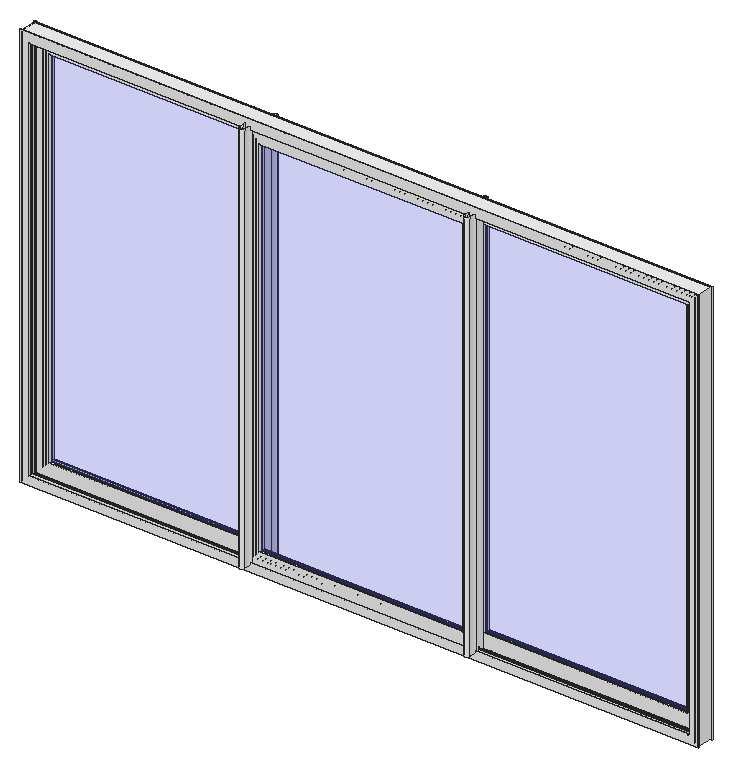
Revit family "1000_Sliding_Window_XOX_Standard", category Windows, host Wall, Revit 2014
Parameters (values of type "1000SW-3018XOX-2000Pa")
  Windload Design = if(Custom Windload < 1001 mm, 1000 mm, if(Custom Windload < 1501 mm, 1500 mm, 2000 mm))  # 2000 mm
  Width Sash Middle [instance] = 1016.633 mm
  Width Sash Side [instance] = 1016.683 mm
  Width = if(Custom Window Width < Limit Window Width Min, Limit Window Width Min, if(Custom Window Width > Limit Window Width Max, Limit Window Width Max, Custom Window Width))  # 2990 mm
  Wall Thickness [instance] = 200 mm
  URL = "http://www.crealco.co.za/crealco-products.php"
  Thermal Resistance (R) [instance] = if(IGDB or SAGDB Number = 1000015, 1.0000 (m²·K)/W / Clearvue U Value, if(IGDB or SAGDB Number = 9922, 1.0000 (m²·K)/W / Energy Advantage U Value, if(IGDB or SAGDB Number = 100100, 1.0000 (m²·K)/W / Intruderprufe U Value, if(IGDB or SAGDB Number = 103200, 1.0000 (m²·K)/W / Intruderprufe LowE U Value, 1.0000 (m²·K)/W / 7.9)))) * 1  # 0.126582 (m²·K)/W
  Standard Interlocker = not(Heavy Duty Interlocker)  # no
  Solar Heat Gain Coefficient [instance] = if(IGDB or SAGDB Number = 1000015, Clearvue SHGC Value, if(IGDB or SAGDB Number = 9922, Energy Advantage SHGC Value, if(IGDB or SAGDB Number = 100100, Intruderprufe SHGC Value, if(IGDB or SAGDB Number = 103200, Intruderprufe LowE SHGC Value, 0))))  # 0
  Sash Width Middle = if(Equal Sash Width, (Width - (2 mm * 28.7)) / 3 + 39.1 mm, if(Custom Sash Width Middle < Limit Sash Width Middle Min, Limit Sash Width Middle Min, if(Custom Sash Width Middle > Limit Sash Width Middle Max, Limit Sash Width Middle Max, Custom Sash Width Middle)))  # 1016.633 mm
  Sash Width Sides = (Width - (28.7 mm * 2) - Sash Width Middle) / 2 + 58.7 mm  # 1016.683 mm
  Sash Height = Height - (2 mm * 28.7)  # 1732.6 mm
  Sash Frame Seal = 2 mm  # constant formula
  Overall Width [instance] = 2990 mm
  Overall Height [instance] = 1790 mm
  Model = "1000"  # constant formula
  Max Pane Area = if(Area Middle Sash Glazing > Area Side Sash Glazing, Area Middle Sash Glazing, Area Side Sash Glazing)  # 1.49505 m²
  Manufacturer = "Crealco"  # constant formula
  Limit Window Width Min = (3 * Limit Sash Width Min) + (2 mm * 28.7) - (2 * 58.8 mm)  # 839.8 mm
  Limit Window Width Max = (3 * Limit Sash Width Max) + (2 mm * 28.7) - (2 * 58.8 mm)  # 4439.8 mm
  Limit Window Height Min = Limit Sash Height Min + (2 mm * 28.7)  # 357.4 mm
  Limit Window Height Max = Limit Sash Height Max + (2 mm * 28.7)  # 1857.4 mm
  Limit Sash Width Min = 300 mm  # constant formula
  Limit Sash Width Max = 1500 mm  # constant formula
  Limit Sash Width Middle Min = if(Width - (2 mm * 28.7) - (2 * Limit Sash Width Max) + (2 * 58.8 mm) < Limit Sash Width Min, Limit Sash Width Min, Width - (2 mm * 28.7) - (2 * Limit Sash Width Max) + (2 * 58.8 mm))  # 300 mm
  Limit Sash Width Middle Max = if(Width - (2 mm * 28.7) - (2 * Limit Sash Width Min) + (2 * 58.8 mm) > Limit Sash Width Max, Limit Sash Width Max, Width - (2 mm * 28.7) - (2 * Limit Sash Width Min) + (2 * 58.8 mm))  # 1500 mm
  Limit Sash Height Min = 300 mm  # constant formula
  Limit Sash Height Max = 1800 mm  # constant formula
  Is Heavy Duty Mullion = if(Windload Design = 1000 mm, if(and(Width > 1490 mm, Height > 1490 mm), 1 mm, 0 mm), if(Windload Design = 1500 mm, if(or(and(Width > 1790 mm, Height > 1190 mm), and(Width > 890 mm, Height > 1490 mm)), 1 mm, 0 mm), if(or(and(Width > 1190 mm, Height > 1190 mm), Height > 1490 mm), 1 mm, 0 mm)))  # 1 mm
  Intruderprufe U Value = 5.86
  Intruderprufe SHGC Value = 0.704
  Intruderprufe LowE U Value = 4.2
  Intruderprufe LowE SHGC Value = 0.616
  IGDB or SAGDB Number [instance] = 0
  Height Sash [instance] = 1732.6 mm
  Height = if(Custom Window Height < Limit Window Height Min, Limit Window Height Min, if(Custom Window Height > Limit Window Height Max, Limit Window Height Max, Custom Window Height))  # 1790 mm
  Heavy Duty Interlocker = if(Is Heavy Duty Mullion = 1 mm, 1 = 1, 1 = 0)  # yes
  Heat Transfer Coefficient (U) [instance] = if(IGDB or SAGDB Number = 1000015, Clearvue U Value, if(IGDB or SAGDB Number = 9922, Energy Advantage U Value, if(IGDB or SAGDB Number = 100100, Intruderprufe U Value, if(IGDB or SAGDB Number = 103200, Intruderprufe LowE U Value, 7.9)))) * 1.0000 W/(m²·K)  # 7.9000 W/(m²·K)
  Glazing Thickness [instance] = if(IGDB or SAGDB Number = 1000015, 4 mm, if(IGDB or SAGDB Number = 9922, 4 mm, if(IGDB or SAGDB Number = 100100, 6 mm, if(IGDB or SAGDB Number = 103200, 7 mm, if(not(Max Pane Area > 0.75 m²), 4 mm, if(not(Max Pane Area > 1.50 m²), 4 mm, if(not(Max Pane Area > 2.10 m²), 5 mm, if(not(Max Pane Area > 2.90 m²), 6.4 mm, if(not(Max Pane Area > 4.30 m²), 8 mm, 10 mm)))))))))  # 4 mm
  Glazing Material [instance] = if(IGDB or SAGDB Number = 1000015, "PFG CLEARVUE 4mm", if(IGDB or SAGDB Number = 9922, "PFG ENERGY ADVANTAGE 4mm LOW-E", if(IGDB or SAGDB Number = 100100, "PFG INTRUDERPRUFE 6.38mm", if(IGDB or SAGDB Number = 103200, "PFG INTRUDERPRUFE LOW-E 7.38mm", "Unknown"))))  # "Unknown"
  Glazing Finish [instance] = Glass
  Glazing Code [instance] = if(IGDB or SAGDB Number = 1000015, "CF4", if(IGDB or SAGDB Number = 9922, "CF4E", if(IGDB or SAGDB Number = 100100, "LAM01", if(IGDB or SAGDB Number = 103200, "LAM01E", "Unknown"))))  # "Unknown"
  Frame Thickness = 75.7 mm  # constant formula
  Frame Offset From Exterior [instance] = Frame Thickness / 2  # 37.85 mm
  Equal Sash Width = yes
  Energy Advantage U Value = 4.35
  Energy Advantage SHGC Value = 0.664
  Description = "Sliding window, XOX"  # constant formula
  Default Sill Height = 800 mm
  Wall Closure = By host
  Custom Window Width = 2990 mm
  Custom Window Height = 1790 mm
  Custom Windload = 2000 mm
  Custom Sash Width Middle = 100 mm
  Custom Frame Offset From Exterior = 0 mm
  Clearvue U Value = 6.07
  Clearvue SHGC Value = 0.743
  Centered In Wall = yes
  Area Middle Sash Glazing = (Sash Width Middle - (50.3 mm * 2)) * (Sash Height - (50.3 mm * 2))  # 1.49497 m²
  Area Side Sash Glazing = (Sash Width Sides - (50.3 mm * 2)) * (Sash Height - (50.3 mm * 2))  # 1.49505 m²
  Aluminium Finish [instance] = White Powder Coated Aluminium ANP 1052
  All Available Glazing Numbers [instance] = "The rows below list the available glazing materials for this window:"  # constant formula
  9922 [instance] = "CF4E"  # constant formula
  103200 [instance] = "LAM01E"  # constant formula
  100100 [instance] = "LAM01"  # constant formula
  1000015 [instance] = "CF4"  # constant formula
Reference planes
  plane 1 "Center (Front/Back)": y = 0
  plane 2 "Center (Left/Right)": x = 0
  plane 3 "Left": x = -1495
  plane 4 "Right": x = 1495
  plane 5 "Sill": z = 800
  plane 6 "Head": z = 2590
  plane 7 "Exterior": y = 100
  plane 8 "Interior": y = -100
Lines and regions (mm)
  Opening 1
    outline origin (3500, -100, 0) x (1, 0, 0) y (0, 0, 1)
      loop
        line (-2005, 800) -> (-2005, 2590) -> (-4995, 2590) -> (-4995, 800) -> (-2005, 800)
Text (mm)
  text "EXTERIOR" at (-1963.203, 1332.353, 0), in view "Ref. Level"
  text "INTERIOR" at (-1981.466, -818.386, 0), in view "Ref. Level"
  text "Exterior" at (0, 923.751, 2943.296), in view "Right"
  text "Exterior" at (0, 1040.484, 2685.409), in view "Left"
Dimensions and locks
  equal spacing: plane 3 "Left", plane 2 "Center (Left/Right)", plane 4 "Right"
  "Width": plane 3 "Left" to plane 4 "Right"
  "Height": plane 5 "Sill" to plane 6 "Head"
  "Default Sill Height": plane 5 "Sill" to level
  locked: plane 7 "Exterior" to host wall at 0
  locked: plane 8 "Interior" to host wall
  "Overall Height": plane 6 "Head" to plane 5 "Sill"
  "Overall Width": plane 3 "Left" to plane 4 "Right"
  "Frame Offset From Exterior": host wall to nested 1
  "Sash Frame Seal": nested 1 to nested 3
  "Sash Frame Seal": nested 2 to nested 1
  "Width Sash Side": nested 3 to nested 3
  "Width Sash Middle": nested 2 to nested 2
  "Height Sash": nested 3 to nested 3
  "Wall Thickness": host wall to host wall
  aligned and locked: nested 1 to nested 3
  aligned and locked: nested 2 to nested 1
  aligned and locked: nested 3 to nested 1
  aligned and locked: nested 1 to plane 6 "Head"
  aligned and locked: nested 1 to plane 4 "Right"
  aligned and locked: nested 4 to nested 3  (x3)
  aligned and locked: nested 5 to nested 2
  aligned and locked: nested 2 to nested 5
  aligned and locked: nested 7 to nested 2  (x2)
  aligned and locked: nested 2 to nested 7
  aligned and locked: nested 6 to nested 3  (x3)
  aligned and locked: nested 7 to nested 5
  aligned and locked: nested 2 to nested 3
  aligned and locked: nested 8 to nested 1
  aligned and locked: nested 1 to nested 8  (x2)
  aligned and locked: nested 8 to nested 9  (x2)
  aligned and locked: nested 9 to nested 8
  aligned and locked: nested 8 to nested 10  (x2)
  aligned and locked: nested 10 to nested 8
  aligned and locked: nested 11 to nested 2  (x3)
  aligned and locked: nested 12 to nested 2  (x2)
  aligned and locked: nested 12 to nested 8
Automatic sketch dimensions
  plane 3 "Left" to Opening 1 sketch curve = 0 mm
  plane 4 "Right" to Opening 1 sketch curve = 0 mm
  Opening 1 sketch curve to plane 5 "Sill" = 0 mm
  Opening 1 sketch curve to plane 6 "Head" = 0 mm
Nested families
  nested 1: "1000_Outer_Frame_With_Lip_XOX_Std" at (-1495, -37.85, 800) x (-1, 0, 0) z (0, 0, 1), Width <- "Width", Height <- "Height", Profile Material <- "Aluminium Finish", type "1000_Outer_Frame_With_Lip_XOX_Std"
    with Width 2990 mm, Profile Material White Powder Coated Aluminium ANP 1052, Height 1790 mm
  nested 2: "1000_Sash_SG_XOX_Std" at (508.316, -2.15, 828.699), Sash Height <- "Sash Height", Sash Width <- "Sash Width Middle", Profile Material <- "Aluminium Finish", Glazing Thickness <- "Glazing Thickness", Glazing Material <- "Glazing Finish", type "1000_Sash_SG_XOX_Std"
    with Sash Width 1016.633 mm, Sash Height 1732.6 mm, Right Sliding no, Profile Material White Powder Coated Aluminium ANP 1052, Length Arrow Tip 92.529 mm, Length Arrow 305.344 mm, Left Sliding no, Is Sliding no, Glazing Thickness 4 mm, Glazing Start -2 mm, Glazing Material Glass, Glazing End 2 mm, Arrow Tip Length 92.529 mm, Arrow Left Gap 355.644 mm, Arrow Bottom Gap 866.3 mm
  nested 3: "1000_Sash_SG_XOX_Std" at (1466.299, 37.85, 828.699), Sash Height <- "Sash Height", Sash Width <- "Sash Width Sides", Profile Material <- "Aluminium Finish", Glazing Thickness <- "Glazing Thickness", Glazing Material <- "Glazing Finish", type "1000_Sash_SG_XOX_Std"
    with Sash Width 1016.683 mm, Sash Height 1732.6 mm, Right Sliding yes, Profile Material White Powder Coated Aluminium ANP 1052, Length Arrow Tip 92.534 mm, Length Arrow 305.361 mm, Left Sliding no, Is Sliding yes, Glazing Thickness 4 mm, Glazing Start -2 mm, Glazing Material Glass, Glazing End 2 mm, Arrow Tip Length 92.534 mm, Arrow Left Gap 355.661 mm, Arrow Bottom Gap 866.3 mm
  nested 4: "1000_Clip_On_Interlocker_XOX_Std" at (480.616, 1.55, 828.699) x (0, 1, 0) z (0, 0, 1), Clip On Interlocker Length <- "Sash Height", visible <- "Standard Interlocker", type "1000_Clip_On_Interlocker_XOX_Std"
    with Profile Material none, Clip On Interlocker Length 1732.6 mm
  nested 5: "1000_Clip_On_Interlocker_XOX_Std" at (477.316, 6.15, 828.699) x (0, -1, 0) z (0, 0, 1), Clip On Interlocker Length <- "Sash Height", visible <- "Standard Interlocker", type "1000_Clip_On_Interlocker_XOX_Std"
    with Profile Material none, Clip On Interlocker Length 1732.6 mm
  nested 6: "1000_Heavy_Duty_Interlocker_XOX_Std" at (598.601, -185.916, 828.699) x (0, 1, 0) z (0, 0, 1), visible <- "Heavy Duty Interlocker", Profile Material <- "Aluminium Finish", Heavy Duty Interlocker Length <- "Sash Height", type "1000_Heavy_Duty_Interlocker_XOX_Std"
    with Profile Material White Powder Coated Aluminium ANP 1052, Heavy Duty Interlocker Length 1732.6 mm, Heavy Duty Interlocker yes
  nested 7: "1000_Heavy_Duty_Interlocker_XOX_Std" at (359.331, 193.616, 828.699) x (0, -1, 0) z (0, 0, 1), visible <- "Heavy Duty Interlocker", Profile Material <- "Aluminium Finish", Heavy Duty Interlocker Length <- "Sash Height", type "1000_Heavy_Duty_Interlocker_XOX_Std"
    with Profile Material White Powder Coated Aluminium ANP 1052, Heavy Duty Interlocker Length 1732.6 mm, Heavy Duty Interlocker yes
  nested 8: "1000_Sash_SG_XOX_Std" at (-449.616, 37.85, 828.699), Sash Height <- "Sash Height", Sash Width <- "Sash Width Sides", Profile Material <- "Aluminium Finish", Glazing Thickness <- "Glazing Thickness", Glazing Material <- "Glazing Finish", type "1000_Sash_SG_XOX_Std"
    with Sash Width 1016.683 mm, Sash Height 1732.6 mm, Right Sliding no, Profile Material White Powder Coated Aluminium ANP 1052, Length Arrow Tip 92.534 mm, Length Arrow 305.361 mm, Left Sliding yes, Is Sliding yes, Glazing Thickness 4 mm, Glazing Start -2 mm, Glazing Material Glass, Glazing End 2 mm, Arrow Tip Length 92.534 mm, Arrow Left Gap 355.661 mm, Arrow Bottom Gap 866.3 mm
  nested 9: "1000_Heavy_Duty_Interlocker_XOX_Std" at (-598.601, -185.916, 828.699) x (0, 1, 0) z (0, 0, 1), visible <- "Heavy Duty Interlocker", Profile Material <- "Aluminium Finish", Heavy Duty Interlocker Length <- "Sash Height", type "1000_Heavy_Duty_Interlocker_XOX_Std"
    with Profile Material White Powder Coated Aluminium ANP 1052, Heavy Duty Interlocker Length 1732.6 mm, Heavy Duty Interlocker yes
  nested 10: "1000_Clip_On_Interlocker_XOX_Std" at (-480.616, 1.55, 828.699) x (0, 1, 0) z (0, 0, 1), Clip On Interlocker Length <- "Sash Height", visible <- "Standard Interlocker", type "1000_Clip_On_Interlocker_XOX_Std"
    with Profile Material none, Clip On Interlocker Length 1732.6 mm
  nested 11: "1000_Heavy_Duty_Interlocker_XOX_Std" at (-359.333, 193.616, 828.699) x (0, -1, 0) z (0, 0, 1), visible <- "Heavy Duty Interlocker", Profile Material <- "Aluminium Finish", Heavy Duty Interlocker Length <- "Sash Height", type "1000_Heavy_Duty_Interlocker_XOX_Std"
    with Profile Material White Powder Coated Aluminium ANP 1052, Heavy Duty Interlocker Length 1732.6 mm, Heavy Duty Interlocker yes
  nested 12: "1000_Clip_On_Interlocker_XOX_Std" at (-477.318, 6.15, 828.699) x (0, -1, 0) z (0, 0, 1), Clip On Interlocker Length <- "Sash Height", visible <- "Standard Interlocker", type "1000_Clip_On_Interlocker_XOX_Std"
    with Profile Material none, Clip On Interlocker Length 1732.6 mm
Definition of nested family "1000_Outer_Frame_With_Lip_XOX_Std"
  Parameters (values of type "1000_Outer_Frame_With_Lip")
    Width [instance] = 1200 mm
    Profile Material [instance] = none
    Height [instance] = 1800 mm
  Reference planes
    plane 1 "Center (Front/Back)": y = 0
    plane 2: z = 0
    plane 3 "Center (Left/Right)": x = 0
  Forms (mm)
    Sweep 1, solid, material <- "Profile Material"
      path origin (0, 0, 0) x (1, 0, 0) y (0, 0, 1)
        loop
          line (0, 0) -> (0, 1800) -> (-1200, 1800) -> (-1200, 0) -> (0, 0)
      profile origin (-600, 0, 0) x (0, 0, -1) y (0, -1, 0)
        loop
          line (0, 0) -> (0, 1.4) -> (-4.241, 1.4) -> (-4.241, 42) -> (-4.241, 74.3) -> (0, 74.3) -> (0, 75.7) -> (-18.001, 75.7) -> (-18.001, 67.7) -> (-38.001, 67.7) -> (-39.788, 62.338) -> (-39.788, 61.062) -> (-38.001, 55.7) -> (-28.701, 55.7) -> (-28.701, 57.1) -> (-36.887, 57.1) -> (-37.885, 60.095) -> (-37.885, 63.305) -> (-36.887, 66.3) -> (-18.001, 66.3) -> (-18.001, 17.1) -> (-36.887, 17.1) -> (-37.885, 20.095) -> (-37.885, 23.305) -> (-36.887, 26.3) -> (-28.701, 26.3) -> (-28.701, 27.7) -> (-38.001, 27.7) -> (-39.788, 22.338) -> (-39.788, 21.062) -> (-38.001, 15.7) -> (-18.001, 15.7) -> (-18.001, 1.4) -> (-39.751, 1.4) -> (-39.751, 0) -> (0, 0)
        loop
          line (-5.641, 74.3) -> (-16.601, 74.3) -> (-16.601, 1.4) -> (-5.641, 1.4) -> (-5.641, 74.3)
  Lines and regions (mm)
    model lines
      curve 1: line (-1200, -75.7, 1800) -> (-1181.999, -75.7, 1781.999)
      curve 2: line (-18.001, -75.7, 1781.999) -> (0, -75.7, 1800)
      curve 3: line (0, -75.7, 0) -> (-18.001, -75.7, 18.001)
      curve 4: line (-1181.999, -75.7, 18.001) -> (-1200, -75.7, 0)
      curve 5: line (-1181.999, -67.7, 18.001) -> (-1161.999, -67.7, 38.001)
      curve 6: line (-38.001, -67.7, 38.001) -> (-18.001, -67.7, 18.001)
      curve 7: line (-18.001, -67.7, 1781.999) -> (-38.001, -67.7, 1761.999)
      curve 8: line (-1181.999, -67.7, 1781.999) -> (-1161.999, -67.7, 1761.999)
      curve 9: line (0, 0, 1800) -> (-39.788, 0, 1760.212)
      curve 10: line (-1200, 0, 1800) -> (-1160.249, 0, 1760.249)
      curve 11: line (-1200, 0, 0) -> (-1160.249, 0, 39.751)
      curve 12: line (0, 0, 0) -> (-39.788, 0, 39.788)
  Dimensions and locks
    "Width": Sweep 1 sketch curve to Sweep 1 sketch curve
    "Height": Sweep 1 sketch curve to Sweep 1 sketch curve
    aligned and locked: level to plane 2
  Automatic sketch dimensions
    Sweep 1 sketch curve to plane 1 "Center (Front/Back)" = 0 mm
    Sweep 1 sketch curve to profile plane = 0 mm  (x2)
    Sweep 1 sketch curve to Sweep 1 sketch curve = 4.241 mm
    Sweep 1 sketch curve to Sweep 1 sketch curve = 1.4 mm  (x8)
    plane 1 "Center (Front/Back)" to Sweep 1 sketch curve = 1.4 mm  (x2)
    Sweep 1 sketch curve to Sweep 1 sketch curve = 10.96 mm
    Sweep 1 sketch curve to Sweep 1 sketch curve = 0 mm  (x3)
    Sweep 1 sketch curve to Sweep 1 sketch curve = 10.7 mm  (x2)
    Sweep 1 sketch curve to Sweep 1 sketch curve = 8.186 mm  (x4)
    plane 1 "Center (Front/Back)" to Sweep 1 sketch curve = 17.1 mm
    Sweep 1 sketch curve to Sweep 1 sketch curve = 0.998 mm  (x2)
    Sweep 1 sketch curve to Sweep 1 sketch curve = 1.114 mm  (x4)
    Sweep 1 sketch curve to Sweep 1 sketch curve = 1.75 mm
    Sweep 1 sketch curve to Sweep 1 sketch curve = 1.904 mm  (x2)
    Sweep 1 sketch curve to Sweep 1 sketch curve = 2.995 mm  (x4)
    Sweep 1 sketch curve to Sweep 1 sketch curve = 0.967 mm  (x4)
    Sweep 1 sketch curve to Sweep 1 sketch curve = 1.276 mm  (x2)
    Sweep 1 sketch curve to Sweep 1 sketch curve = 14.3 mm
    Sweep 1 sketch curve to Sweep 1 sketch curve = 28 mm
    Sweep 1 sketch curve to Sweep 1 sketch curve = 6.6 mm
    curve 3 to Sweep 1 = 0 mm  (x3)
    Sweep 1 to curve 3 = 0 mm
    curve 2 to Sweep 1 = 0 mm  (x4)
    curve 1 to Sweep 1 = 0 mm  (x4)
    curve 4 to Sweep 1 = 0 mm  (x3)
    Sweep 1 to curve 4 = 0 mm
    curve 7 to Sweep 1 = 0 mm  (x4)
    curve 6 to Sweep 1 = 0 mm  (x3)
    Sweep 1 to curve 6 = 0 mm
    curve 5 to Sweep 1 = 0 mm  (x3)
    Sweep 1 to curve 5 = 0 mm
    curve 8 to Sweep 1 = 0 mm  (x4)
    curve 12 to Sweep 1 = 0 mm  (x2)
    curve 9 to Sweep 1 = 0 mm
    Sweep 1 to curve 9 = 0 mm
    curve 11 to Sweep 1 = 0 mm  (x4)
    curve 10 to Sweep 1 = 0 mm  (x3)
    Sweep 1 to curve 10 = 0 mm
    curve 12 to Sweep 1 = 0.037 mm  (x2)
    curve 9 to Sweep 1 = 0.037 mm  (x2)
    Sweep 1 sketch curve to level = 0 mm
    Sweep 1 sketch curve to plane 3 "Center (Left/Right)" = 0 mm
Definition of nested family "1000_Sash_SG_XOX_Std"
  Parameters (values of type "1000_Sash_SG")
    Sash Width [instance] = 450 mm
    Sash Height [instance] = 600 mm
    Right Sliding [instance] = yes
    Profile Material [instance] = White Powder Coated Aluminium ANP 1052
    Length Arrow Tip [instance] = Length Arrow / 3.3  # 35.293 mm
    Length Arrow [instance] = (Sash Width - (2 * 50.3 mm)) / 3  # 116.467 mm
    Left Sliding [instance] = yes
    Is Sliding [instance] = if(or(Right Sliding, Left Sliding), 1 = 1, 1 = 2)  # yes
    Glazing Thickness [instance] = 6.4 mm
    Glazing Start [instance] = -Glazing Thickness / 2  # -3.2 mm
    Glazing Material [instance] = Glass
    Glazing Frame Gap = 5 mm  # constant formula
    Glazing End [instance] = Glazing Thickness / 2  # 3.2 mm
    Arrow Tip Length [instance] = if((Sash Height - (2 * 50.3 mm)) / 8 > Length Arrow / 3.3, Length Arrow / 3.3, (Sash Height - (2 * 50.3 mm)) / 8)  # 35.293 mm
    Arrow Tip Angle = 45.00°
    Arrow Left Gap [instance] = (Sash Width - Length Arrow) / 2  # 166.767 mm
    Arrow Bottom Gap [instance] = Sash Height / 2  # 300 mm
  Reference planes
    plane 1 "Center (Front/Back)": y = 0
    plane 2: z = 0
    plane 3 "Center (Left/Right)": x = 0
    plane 4: y = -14
  Forms (mm)
    Sweep 1, solid, material "White Powder Coated Aluminium ANP 1052" <- "Profile Material"
      path origin (0, 0, 0) x (1, 0, 0) y (0, 0, 1)
        loop
          line (0, 0) -> (0, 600) -> (-450, 600) -> (-450, 0) -> (0, 0)
      profile origin (-225, 0, 0) x (0, 0, -1) y (0, -1, 0)
        loop
          line (-60, 0) -> (0, 0) -> (0, 6) -> (-1.3, 6) -> (-1.3, 1.3) -> (-31.5, 1.3) -> (-31.5, 5) -> (-30, 5) -> (-30, 23) -> (-31.5, 23) -> (-31.5, 26.7) -> (-1.3, 26.7) -> (-1.3, 22) -> (0, 22) -> (0, 28) -> (-60, 28) -> (-60, 20) -> (-58.7, 20) -> (-58.7, 26.7) -> (-45.3, 26.7) -> (-45.3, 1.3) -> (-58.7, 1.3) -> (-58.7, 8) -> (-60, 8) -> (-60, 0)
        loop
          line (-44, 26.7) -> (-44, 1.3) -> (-33, 1.3) -> (-33, 6.3) -> (-31.5, 6.3) -> (-31.5, 21.7) -> (-33, 21.7) -> (-33, 26.7) -> (-44, 26.7)
    Extrusion 2, solid, material "Glass" <- "Glazing Material"
      sketch origin (-1130, -14, 1200) x (-1, 0, 0) y (0, 0, 1)
        loop
          line (-730.3, -650.3) -> (-1079.7, -650.3) -> (-1079.7, -1149.7) -> (-730.3, -1149.7) -> (-730.3, -650.3)
      from -3.2 <- "Glazing Start" to 3.2 <- "Glazing End"
  Lines and regions (mm)
    model lines
      curve 1: line (-390, 0, 540) -> (-450, 0, 600)
      curve 2: line (-60, 0, 540) -> (0, 0, 600)
      curve 3: line (0, 0, 0) -> (-60, 0, 60)
      curve 4: line (-390, 0, 60) -> (-450, 0, 0)
      curve 5: line (-60, -28, 540) -> (0, -28, 600)
      curve 6: line (-390, -28, 540) -> (-450, -28, 600)
      curve 7: line (-450, -28, 0) -> (-390, -28, 60)
      curve 8: line (0, -28, 0) -> (-60, -28, 60)
    model lines, visible <- "Is Sliding"
      curve 9: line (-283.233, -10.8, 300) -> (-166.767, -10.8, 300)
    model lines, visible <- "Left Sliding"
      curve 10: line (-166.767, -10.8, 300) -> (-191.723, -10.8, 324.956)
      curve 11: line (-166.767, -10.8, 300) -> (-191.723, -10.8, 275.044)
    model lines, visible <- "Right Sliding"
      curve 12: line (-283.233, -10.8, 300) -> (-258.277, -10.8, 324.956)
      curve 13: line (-283.233, -10.8, 300) -> (-258.277, -10.8, 275.044)
  Dimensions and locks
    "Sash Width": Sweep 1 sketch curve to Sweep 1 sketch curve
    "Sash Height": Sweep 1 sketch curve to Sweep 1 sketch curve
    "Glazing Frame Gap": Sweep 1 to Extrusion 2 sketch curve
    "Glazing Frame Gap": Extrusion 2 sketch curve to Sweep 1  (x3)
    "Length Arrow": curve 9 to curve 9
    "Arrow Left Gap": plane 3 "Center (Left/Right)" to curve 9
    "Arrow Bottom Gap": level to curve 9
    "Arrow Tip Length": curve 11 to curve 10
    "Arrow Tip Length": curve 11 to curve 11
    "Length Arrow Tip": curve 13 to curve 13
    "Length Arrow Tip": curve 13 to curve 12
    "Arrow Tip Angle": angle curve 11 to curve 9
    "Arrow Tip Angle": angle curve 9 to curve 10
    "Arrow Tip Angle": angle curve 12 to curve 9
    "Arrow Tip Angle": angle curve 9 to curve 13
    aligned and locked: level to plane 2
  Automatic sketch dimensions
    curve 2 to Sweep 1 = 0 mm  (x4)
    curve 3 to Sweep 1 = 0 mm  (x3)
    Sweep 1 to curve 3 = 0 mm
    curve 1 to Sweep 1 = 0 mm  (x4)
    curve 4 to Sweep 1 = 0 mm  (x3)
    Sweep 1 to curve 4 = 0 mm
    curve 8 to Sweep 1 = 0 mm  (x4)
    curve 5 to Sweep 1 = 0 mm  (x3)
    Sweep 1 to curve 5 = 0 mm
    curve 7 to Sweep 1 = 0 mm  (x4)
    curve 6 to Sweep 1 = 0 mm  (x3)
    Sweep 1 to curve 6 = 0 mm
    Sweep 1 sketch curve to plane 1 "Center (Front/Back)" = 0 mm
    Sweep 1 sketch curve to profile plane = 0 mm  (x2)
    profile plane to Sweep 1 sketch curve = 1.3 mm
    Sweep 1 sketch curve to Sweep 1 sketch curve = 1.3 mm  (x7)
    Sweep 1 sketch curve to Sweep 1 sketch curve = 28.7 mm
    plane 1 "Center (Front/Back)" to Sweep 1 sketch curve = 1.3 mm  (x2)
    Sweep 1 sketch curve to Sweep 1 sketch curve = 1.5 mm  (x5)
    Sweep 1 sketch curve to Sweep 1 sketch curve = 11 mm
    Sweep 1 sketch curve to Sweep 1 sketch curve = 13.4 mm  (x2)
    Sweep 1 sketch curve to Sweep 1 sketch curve = 0 mm
    Sweep 1 sketch curve to Sweep 1 sketch curve = 3.7 mm
    Sweep 1 sketch curve to Sweep 1 sketch curve = 4.7 mm  (x2)
    Sweep 1 sketch curve to Sweep 1 sketch curve = 6.7 mm  (x2)
    Sweep 1 sketch curve to Sweep 1 sketch curve = 12 mm
    Sweep 1 sketch curve to Sweep 1 sketch curve = 15.4 mm
    Sweep 1 sketch curve to Sweep 1 sketch curve = 16 mm
    Sweep 1 sketch curve to Sweep 1 sketch curve = 5 mm
    Sweep 1 sketch curve to level = 0 mm
    Sweep 1 sketch curve to plane 3 "Center (Left/Right)" = 0 mm
Definition of nested family "1000_Clip_On_Interlocker_XOX_Std"
  Parameters (values of type "1000_Clip_On_Interlocker")
    Profile Material [instance] = none
    Notch Width = 13.1 mm  # constant formula
    Notch Side Gap = 4.8 mm  # constant formula
    Notch Height = 20 mm  # constant formula
    Clip On Interlocker Length [instance] = 250 mm
  Reference planes
    plane 1 "Center (Front/Back)": y = 0
    plane 2: z = 0
    plane 3 "Center (Left/Right)": x = 0
  Forms (mm)
    Extrusion 1, solid, material <- "Profile Material"
      sketch origin (0, 0, 0) x (1, 0, 0) y (0, 1, 0)
        loop
          line (0, 32.2) -> (0, 24.6) -> (6.9, 24.6) -> (6.9, 10) -> (0, 10) -> (0, 0) -> (1.2, 0) -> (1.2, 8.8) -> (6.9, 8.8) -> (6.9, 5.7) -> (8.3, 5.7) -> (8.3, 25.8) -> (1.2, 25.8) -> (1.2, 31) -> (14.6, 31) -> (14.6, 24.5) -> (15.775, 24.5) -> (15.775, 31) -> (28.875, 31) -> (28.875, 24.5) -> (30, 24.5) -> (30, 31) -> (33.7, 31) -> (33.7, 32.2) -> (0, 32.2)
      from 0 to 250 <- "Clip On Interlocker Length"
    Extrusion 2, void
      sketch origin (33.075, 32.2, 0) x (1, 0, 0) y (0, 0, 1)
        loop
          line (-4.175, 250) -> (-17.275, 250) -> (-17.275, 230) -> (-4.175, 230) -> (-4.175, 250)
        loop
          line (-4.175, 0) -> (-4.175, 20) -> (-17.275, 20) -> (-17.275, 0) -> (-4.175, 0)
      from 0 to 2
  Cuts and joins
    Extrusion 2 cuts Extrusion 1
  Dimensions and locks
    "Notch Side Gap": Extrusion 1 to Extrusion 2 sketch curve  (x2)
    "Notch Width": Extrusion 2 sketch curve to Extrusion 2 sketch curve  (x2)
    "Notch Height": Extrusion 1 to Extrusion 2 sketch curve
    "Notch Height": Extrusion 2 sketch curve to Extrusion 1
    aligned and locked: level to plane 2
    aligned and locked: Extrusion 1 to Extrusion 2 sketch curve
    aligned and locked: Extrusion 2 sketch curve to Extrusion 1
  Automatic sketch dimensions
    Extrusion 1 sketch curve to plane 3 "Center (Left/Right)" = 0 mm  (x2)
    plane 1 "Center (Front/Back)" to Extrusion 1 sketch curve = 0 mm
    plane 3 "Center (Left/Right)" to Extrusion 1 sketch curve = 1.2 mm  (x2)
    Extrusion 1 sketch curve to Extrusion 1 sketch curve = 5.7 mm
    Extrusion 1 sketch curve to Extrusion 1 sketch curve = 0 mm  (x3)
    Extrusion 1 sketch curve to Extrusion 1 sketch curve = 1.4 mm
    Extrusion 1 sketch curve to Extrusion 1 sketch curve = 6.3 mm
    Extrusion 1 sketch curve to Extrusion 1 sketch curve = 1.175 mm
    Extrusion 1 sketch curve to Extrusion 1 sketch curve = 13.1 mm
    Extrusion 1 sketch curve to Extrusion 1 sketch curve = 1.125 mm
    Extrusion 1 sketch curve to Extrusion 1 sketch curve = 3.7 mm
    Extrusion 1 sketch curve to plane 1 "Center (Front/Back)" = 5.7 mm
    Extrusion 1 sketch curve to Extrusion 1 sketch curve = 3.1 mm
    Extrusion 1 sketch curve to Extrusion 1 sketch curve = 1.2 mm  (x3)
    Extrusion 1 sketch curve to Extrusion 1 sketch curve = 14.5 mm
    Extrusion 1 sketch curve to Extrusion 1 sketch curve = 14.6 mm
    Extrusion 1 sketch curve to Extrusion 1 sketch curve = 6.5 mm  (x2)
Definition of nested family "1000_Heavy_Duty_Interlocker_XOX_Std"
  Parameters (values of type "1000_Heavy_Duty_Interlocker")
    Profile Material [instance] = none
    Notch Width = 13 mm  # constant formula
    Notch Side Gap = 15.8 mm  # constant formula
    Notch Height = 20 mm  # constant formula
    Heavy Duty Interlocker Length [instance] = 250 mm
    Heavy Duty Interlocker [instance] = yes
  Reference planes
    plane 1 "Center (Front/Back)": y = 0
    plane 2: z = 0
    plane 3 "Center (Left/Right)": x = 0
  Forms (mm)
    Extrusion 1, solid, material <- "Profile Material", visible <- "Heavy Duty Interlocker"
      sketch origin (374.931, 0, 0) x (-1, 0, 0) y (0, -1, 0)
        loop
          line (158.706, -148.985) -> (158.706, -145.885) -> (157.506, -145.885) -> (157.506, -148.985) -> (151.156, -148.985) -> (151.156, -122.127)
          arc (151.156, -122.127) -> (134.132, -124.551) -> (116.984, -123.281) r 80
          arc (116.984, -123.281) -> (104.109, -136.156) -> (116.984, -149.031) r 12.875
          arc (116.984, -149.031) -> (134.132, -147.761) -> (151.156, -150.185) r 80
          line (151.156, -150.185) -> (187.466, -150.185) -> (187.466, -139.985) -> (186.266, -139.985) -> (186.266, -142.585) -> (180.266, -142.585) -> (180.266, -127.985) -> (186.266, -127.985) -> (186.266, -130.585) -> (187.466, -130.585) -> (187.466, -117.985) -> (186.266, -117.985) -> (186.266, -126.785) -> (180.266, -126.785) -> (180.266, -123.685) -> (179.166, -123.685) -> (179.166, -143.785) -> (186.266, -143.785) -> (186.266, -148.985) -> (172.841, -148.985) -> (172.841, -145.885) -> (171.641, -145.885) -> (171.641, -148.985) -> (158.706, -148.985)
        loop
          arc (149.756, -124.533) -> (149.569, -124.143) -> (149.147, -124.045) r 0.5
          arc (149.147, -124.045) -> (141.472, -125.375) -> (133.704, -125.964) r 81.4
          arc (133.704, -125.964) -> (125.312, -125.766) -> (116.984, -124.704) r 81.4
          arc (116.984, -124.704) -> (105.532, -136.156) -> (116.984, -147.608) r 11.452
          arc (116.984, -147.608) -> (125.312, -146.546) -> (133.704, -146.347) r 81.4
          arc (133.704, -146.347) -> (141.472, -146.937) -> (149.147, -148.266) r 81.4
          arc (149.147, -148.266) -> (149.569, -148.169) -> (149.756, -147.778) r 0.5
          line (149.756, -147.778) -> (149.756, -124.533)
      from 0 to 250 <- "Heavy Duty Interlocker Length"
    Extrusion 2, void
      sketch origin (187.466, 150.185, 0) x (-1, 0, 0) y (0, 0, -1)
        loop
          line (-15.825, -250) -> (-15.825, -230) -> (-28.76, -230) -> (-28.76, -250) -> (-15.825, -250)
        loop
          line (-15.825, 0) -> (-28.76, 0) -> (-28.76, -20) -> (-15.825, -20) -> (-15.825, 0)
      from 0 to 250
  Cuts and joins
    Extrusion 2 cuts Extrusion 1
  Dimensions and locks
    "Notch Height": Extrusion 2 sketch curve to Extrusion 1
    "Notch Height": Extrusion 1 to Extrusion 2 sketch curve
    aligned and locked: level to plane 2
  Automatic sketch dimensions
    Extrusion 1 sketch curve to Extrusion 1 sketch curve = 0 mm  (x22)
    plane 1 "Center (Front/Back)" to Extrusion 1 sketch curve = 136.156 mm
    Extrusion 1 sketch curve to plane 3 "Center (Left/Right)" = 257.947 mm
    Extrusion 1 sketch curve to Extrusion 1 sketch curve = 14.448 mm  (x2)
    plane 1 "Center (Front/Back)" to Extrusion 1 sketch curve = 44.596 mm
    Extrusion 1 sketch curve to Extrusion 1 sketch curve = 32.272 mm
    Extrusion 1 sketch curve to Extrusion 1 sketch curve = 0.5 mm
    Extrusion 1 sketch curve to Extrusion 1 sketch curve = 1.4 mm
    Extrusion 1 sketch curve to Extrusion 1 sketch curve = 6.35 mm
    Extrusion 1 sketch curve to Extrusion 1 sketch curve = 1.2 mm  (x7)
    Extrusion 1 sketch curve to Extrusion 1 sketch curve = 12.935 mm
    Extrusion 1 sketch curve to Extrusion 1 sketch curve = 6.325 mm
    Extrusion 1 sketch curve to Extrusion 1 sketch curve = 1.1 mm
    Extrusion 1 sketch curve to Extrusion 1 sketch curve = 6 mm  (x2)
    Extrusion 1 sketch curve to Extrusion 1 sketch curve = 18.171 mm
    Extrusion 1 sketch curve to Extrusion 1 sketch curve = 4.142 mm
    Extrusion 1 sketch curve to Extrusion 1 sketch curve = 5.7 mm
    Extrusion 1 sketch curve to Extrusion 1 sketch curve = 2.407 mm
    Extrusion 1 sketch curve to Extrusion 1 sketch curve = 3.1 mm  (x2)
    Extrusion 1 sketch curve to Extrusion 1 sketch curve = 2.6 mm  (x2)
    Extrusion 1 sketch curve to Extrusion 1 sketch curve = 9.4 mm
    Extrusion 1 sketch curve to Extrusion 1 sketch curve = 2.1 mm
    Extrusion 1 sketch curve to Extrusion 1 sketch curve = 1.893 mm
    Extrusion 1 sketch curve to Extrusion 1 sketch curve = 5.2 mm
    Extrusion 1 sketch curve to Extrusion 1 sketch curve = 15.443 mm  (x2)
    Extrusion 2 sketch curve to Extrusion 1 = 0 mm  (x2)
    Extrusion 2 sketch curve to Extrusion 1 = 7.55 mm  (x2)
    Extrusion 2 sketch curve to Extrusion 2 sketch curve = 12.935 mm  (x2)
Types (121, lengths in mm): name | Windload Design | Width Sash Middle | Width Sash Side | Width | Standard Interlocker | Sash Width Middle | Sash Width Sides | Sash Height | Overall Width | Overall Height | Max Pane Area | Limit Sash Width Middle Max | Is Heavy Duty Mullion | Intruderprufe U Value | Intruderprufe SHGC Value | Intruderprufe LowE U Value | Intruderprufe LowE SHGC Value | Height Sash | Height | Heavy Duty Interlocker | Energy Advantage U Value | Energy Advantage SHGC Value | Custom Window Width | Custom Window Height | Custom Windload | Clearvue U Value | Clearvue SHGC Value | Area Middle Sash Glazing | Area Side Sash Glazing
  (no name) | 2000 | 1016.633 | 1016.683 | 2990 | no | 1016.633 | 1016.683 | 1732.6 | 2990 | 1790 | 1.49505 m² | 1500 | 1 | 5.86 | 0.704 | 4.2 | 0.616 | 1732.6 | 1790 | yes | 4.35 | 0.664 | 2990 | 1790 | 2000 | 6.07 | 0.743 | 1.49497 m² | 1.49505 m²
  1000SW-0906XOX-1000Pa | 1000 | 316.633 | 316.683 | 890 | yes | 316.633 | 316.683 | 532.6 | 890 | 590 | 0.093348 m² | 350.2 | 0 | 5.99 | 0.508 | 5.12 | 0.444 | 532.6 | 590 | no | 5.4 | 0.482 | 890 | 590 | 1000 | 6.31 | 0.535 | 0.0933264 m² | 0.093348 m²
  1000SW-1206XOX-1000Pa | 1000 | 819.967 | 820.017 | 1190 | yes | 416.633 | 416.683 | 532.6 | 2400 | 1200 | 0.136548 m² | 650.2 | 0 | 6.06 | 0.527 | 5.05 | 0.46 | 1142.6 | 590 | no | 5.34 | 0.5 | 1190 | 590 | 1000 | 6.4 | 0.557 | 0.136526 m² | 0.136548 m²
  1000SW-1506XOX-1000Pa | 1000 | 819.967 | 820.017 | 1490 | yes | 516.633 | 516.683 | 532.6 | 2400 | 1200 | 0.179748 m² | 950.2 | 0 | 6.1 | 0.539 | 5.01 | 0.47 | 1142.6 | 590 | no | 5.31 | 0.511 | 1490 | 590 | 1000 | 6.45 | 0.569 | 0.179726 m² | 0.179748 m²
  1000SW-1806XOX-1000Pa | 1000 | 819.967 | 820.017 | 1790 | yes | 616.633 | 616.683 | 532.6 | 2400 | 1200 | 0.222948 m² | 1250.2 | 0 | 6.13 | 0.547 | 4.98 | 0.476 | 1142.6 | 590 | no | 5.29 | 0.519 | 1790 | 590 | 1000 | 6.48 | 0.578 | 0.222926 m² | 0.222948 m²
  1000SW-2106XOX-1000Pa | 1000 | 819.967 | 820.017 | 2090 | yes | 716.633 | 716.683 | 532.6 | 2400 | 1200 | 0.266148 m² | 1500 | 0 | 6.15 | 0.552 | 4.96 | 0.481 | 1142.6 | 590 | no | 5.27 | 0.524 | 2090 | 590 | 1000 | 6.51 | 0.584 | 0.266126 m² | 0.266148 m²
  1000SW-2406XOX-1000Pa | 1000 | 819.967 | 820.017 | 2390 | yes | 816.633 | 816.683 | 532.6 | 2400 | 1200 | 0.309348 m² | 1500 | 0 | 6.16 | 0.556 | 4.95 | 0.484 | 1142.6 | 590 | no | 5.26 | 0.528 | 2390 | 590 | 1000 | 6.52 | 0.588 | 0.309326 m² | 0.309348 m²
  1000SW-2706XOX-1000Pa | 1000 | 819.967 | 820.017 | 2690 | yes | 916.633 | 916.683 | 532.6 | 2400 | 1200 | 0.352548 m² | 1500 | 0 | 6.17 | 0.559 | 4.94 | 0.487 | 1142.6 | 590 | no | 5.25 | 0.531 | 2690 | 590 | 1000 | 6.54 | 0.592 | 0.352526 m² | 0.352548 m²
  1000SW-3006XOX-1000Pa | 1000 | 819.967 | 820.017 | 2990 | yes | 1016.633 | 1016.683 | 532.6 | 2400 | 1200 | 0.395748 m² | 1500 | 0 | 6.18 | 0.562 | 4.93 | 0.489 | 1142.6 | 590 | no | 5.24 | 0.533 | 2990 | 590 | 1000 | 6.55 | 0.595 | 0.395726 m² | 0.395748 m²
  1000SW-0909XOX-1000Pa | 1000 | 316.633 | 316.683 | 890 | yes | 316.633 | 316.683 | 832.6 | 890 | 590 | 0.158173 m² | 350.2 | 0 | 5.85 | 0.573 | 4.85 | 0.502 | 532.6 | 890 | no | 5.06 | 0.541 | 890 | 890 | 1000 | 6.11 | 0.603 | 0.158136 m² | 0.158173 m²
  1000SW-1209XOX-1000Pa | 1000 | 316.633 | 316.683 | 1190 | yes | 416.633 | 416.683 | 832.6 | 890 | 590 | 0.231373 m² | 650.2 | 0 | 5.91 | 0.595 | 4.74 | 0.52 | 532.6 | 890 | no | 4.96 | 0.562 | 1190 | 890 | 1000 | 6.18 | 0.626 | 0.231336 m² | 0.231373 m²
  1000SW-1509XOX-1000Pa | 1000 | 316.633 | 316.683 | 1490 | yes | 516.633 | 516.683 | 832.6 | 890 | 590 | 0.304573 m² | 950.2 | 0 | 5.95 | 0.608 | 4.68 | 0.531 | 532.6 | 890 | no | 4.9 | 0.575 | 1490 | 890 | 1000 | 6.22 | 0.641 | 0.304536 m² | 0.304573 m²
  1000SW-1809XOX-1000Pa | 1000 | 316.633 | 316.683 | 1790 | yes | 616.633 | 616.683 | 832.6 | 890 | 590 | 0.377773 m² | 1250.2 | 0 | 5.97 | 0.616 | 4.64 | 0.538 | 532.6 | 890 | no | 4.87 | 0.583 | 1790 | 890 | 1000 | 6.25 | 0.65 | 0.377736 m² | 0.377773 m²
  1000SW-2109XOX-1000Pa | 1000 | 316.633 | 316.683 | 2090 | yes | 716.633 | 716.683 | 832.6 | 890 | 590 | 0.450973 m² | 1500 | 0 | 5.99 | 0.622 | 4.61 | 0.543 | 532.6 | 890 | no | 4.84 | 0.589 | 2090 | 890 | 1000 | 6.27 | 0.657 | 0.450936 m² | 0.450973 m²
  1000SW-2409XOX-1000Pa | 1000 | 316.633 | 316.683 | 2390 | yes | 816.633 | 816.683 | 832.6 | 890 | 590 | 0.524173 m² | 1500 | 0 | 6 | 0.627 | 4.59 | 0.547 | 532.6 | 890 | no | 4.82 | 0.593 | 2390 | 890 | 1000 | 6.28 | 0.662 | 0.524136 m² | 0.524173 m²
  1000SW-2709XOX-1000Pa | 1000 | 316.633 | 316.683 | 2690 | yes | 916.633 | 916.683 | 832.6 | 890 | 590 | 0.597373 m² | 1500 | 0 | 6.01 | 0.631 | 4.57 | 0.55 | 532.6 | 890 | no | 4.8 | 0.597 | 2690 | 890 | 1000 | 6.3 | 0.666 | 0.597336 m² | 0.597373 m²
  1000SW-3009XOX-1000Pa | 1000 | 316.633 | 316.683 | 2990 | yes | 1016.633 | 1016.683 | 832.6 | 890 | 590 | 0.670573 m² | 1500 | 0 | 6.02 | 0.634 | 4.56 | 0.553 | 532.6 | 890 | no | 4.79 | 0.599 | 2990 | 890 | 1000 | 6.31 | 0.669 | 0.670536 m² | 0.670573 m²
  1000SW-0912XOX-1000Pa | 1000 | 316.633 | 316.683 | 890 | yes | 316.633 | 316.683 | 1132.6 | 890 | 590 | 0.222998 m² | 350.2 | 0 | 5.78 | 0.605 | 4.71 | 0.531 | 532.6 | 1190 | no | 4.89 | 0.571 | 890 | 1190 | 1000 | 6.01 | 0.636 | 0.222946 m² | 0.222998 m²
  1000SW-1212XOX-1000Pa | 1000 | 316.633 | 316.683 | 1190 | yes | 416.633 | 416.683 | 1132.6 | 890 | 590 | 0.326198 m² | 650.2 | 0 | 5.84 | 0.628 | 4.59 | 0.55 | 532.6 | 1190 | no | 4.77 | 0.593 | 1190 | 1190 | 1000 | 6.07 | 0.661 | 0.326146 m² | 0.326198 m²
  1000SW-1512XOX-1000Pa | 1000 | 316.633 | 316.683 | 1490 | yes | 516.633 | 516.683 | 1132.6 | 890 | 590 | 0.429398 m² | 950.2 | 0 | 5.87 | 0.642 | 4.52 | 0.562 | 532.6 | 1190 | no | 4.7 | 0.606 | 1490 | 1190 | 1000 | 6.11 | 0.676 | 0.429346 m² | 0.429398 m²
  1000SW-1812XOX-1000Pa | 1000 | 316.633 | 316.683 | 1790 | yes | 616.633 | 616.683 | 1132.6 | 890 | 590 | 0.532598 m² | 1250.2 | 0 | 5.89 | 0.651 | 4.47 | 0.569 | 532.6 | 1190 | no | 4.66 | 0.615 | 1790 | 1190 | 1000 | 6.13 | 0.686 | 0.532546 m² | 0.532598 m²
  1000SW-2112XOX-1000Pa | 1000 | 716.633 | 716.683 | 2090 | yes | 716.633 | 716.683 | 1132.6 | 2090 | 1190 | 0.635798 m² | 1500 | 0 | 5.91 | 0.657 | 4.44 | 0.575 | 1132.6 | 1190 | no | 4.63 | 0.621 | 2090 | 1190 | 1000 | 6.15 | 0.693 | 0.635746 m² | 0.635798 m²
  1000SW-2412XOX-1000Pa | 1000 | 316.633 | 316.683 | 2390 | yes | 816.633 | 816.683 | 1132.6 | 890 | 590 | 0.738998 m² | 1500 | 0 | 5.92 | 0.662 | 4.41 | 0.579 | 532.6 | 1190 | no | 4.6 | 0.625 | 2390 | 1190 | 1000 | 6.17 | 0.699 | 0.738946 m² | 0.738998 m²
  1000SW-2712XOX-1000Pa | 1000 | 316.633 | 316.683 | 2690 | yes | 916.633 | 916.683 | 1132.6 | 890 | 590 | 0.842198 m² | 1500 | 0 | 5.93 | 0.666 | 4.39 | 0.582 | 532.6 | 1190 | no | 4.58 | 0.629 | 2690 | 1190 | 1000 | 6.18 | 0.703 | 0.842146 m² | 0.842198 m²
  1000SW-3012XOX-1000Pa | 1000 | 316.633 | 316.683 | 2990 | yes | 1016.633 | 1016.683 | 1132.6 | 890 | 590 | 0.945398 m² | 1500 | 0 | 5.94 | 0.669 | 4.38 | 0.584 | 532.6 | 1190 | no | 4.57 | 0.632 | 2990 | 1190 | 1000 | 6.19 | 0.706 | 0.945346 m² | 0.945398 m²
  1000SW-0915XOX-1000Pa | 1000 | 316.633 | 316.683 | 890 | yes | 316.633 | 316.683 | 1432.6 | 890 | 590 | 0.287823 m² | 350.2 | 0 | 5.74 | 0.624 | 4.63 | 0.548 | 532.6 | 1490 | no | 4.79 | 0.589 | 890 | 1490 | 1000 | 5.95 | 0.656 | 0.287756 m² | 0.287823 m²
  1000SW-1215XOX-1000Pa | 1000 | 316.633 | 316.683 | 1190 | yes | 416.633 | 416.683 | 1432.6 | 890 | 590 | 0.421023 m² | 650.2 | 0 | 5.79 | 0.648 | 4.5 | 0.568 | 532.6 | 1490 | no | 4.66 | 0.611 | 1190 | 1490 | 1000 | 6.01 | 0.682 | 0.420956 m² | 0.421023 m²
  1000SW-1515XOX-1000Pa | 1000 | 316.633 | 316.683 | 1490 | yes | 516.633 | 516.683 | 1432.6 | 890 | 590 | 0.554223 m² | 950.2 | 0 | 5.83 | 0.662 | 4.42 | 0.58 | 532.6 | 1490 | no | 4.58 | 0.625 | 1490 | 1490 | 1000 | 6.04 | 0.698 | 0.554156 m² | 0.554223 m²
  1000SW-1815XOX-1000Pa | 1000 | 316.633 | 316.683 | 1790 | yes | 616.633 | 616.683 | 1432.6 | 890 | 590 | 0.687423 m² | 1250.2 | 0 | 5.85 | 0.672 | 4.37 | 0.588 | 532.6 | 1490 | no | 4.53 | 0.634 | 1790 | 1490 | 1000 | 6.07 | 0.708 | 0.687356 m² | 0.687423 m²
  1000SW-2115XOX-1000Pa | 1000 | 316.633 | 316.683 | 2090 | yes | 716.633 | 716.683 | 1432.6 | 890 | 590 | 0.820623 m² | 1500 | 0 | 5.86 | 0.678 | 4.33 | 0.593 | 532.6 | 1490 | no | 4.5 | 0.64 | 2090 | 1490 | 1000 | 6.08 | 0.715 | 0.820556 m² | 0.820623 m²
  1000SW-2415XOX-1000Pa | 1000 | 316.633 | 316.683 | 2390 | yes | 816.633 | 816.683 | 1432.6 | 890 | 590 | 0.953823 m² | 1500 | 0 | 5.87 | 0.683 | 4.31 | 0.597 | 532.6 | 1490 | no | 4.47 | 0.645 | 2390 | 1490 | 1000 | 6.1 | 0.721 | 0.953756 m² | 0.953823 m²
  1000SW-2715XOX-1000Pa | 1000 | 316.633 | 316.683 | 2690 | yes | 916.633 | 916.683 | 1432.6 | 890 | 590 | 1.08702 m² | 1500 | 0 | 5.88 | 0.687 | 4.29 | 0.601 | 532.6 | 1490 | no | 4.45 | 0.648 | 2690 | 1490 | 1000 | 6.11 | 0.725 | 1.08696 m² | 1.08702 m²
  1000SW-3015XOX-1000Pa | 1000 | 316.633 | 316.683 | 2990 | yes | 1016.633 | 1016.683 | 1432.6 | 890 | 590 | 1.22022 m² | 1500 | 0 | 5.89 | 0.69 | 4.207 | 0.603 | 532.6 | 1490 | no | 4.44 | 0.651 | 2990 | 1490 | 1000 | 6.11 | 0.728 | 1.22016 m² | 1.22022 m²
  1000SW-0918XOX-1000Pa | 1000 | 316.633 | 316.683 | 890 | yes | 316.633 | 316.683 | 1732.6 | 890 | 590 | 0.352648 m² | 350.2 | 0 | 5.71 | 0.637 | 4.58 | 0.559 | 532.6 | 1790 | no | 4.72 | 0.6 | 890 | 1790 | 1000 | 5.91 | 0.669 | 0.352566 m² | 0.352648 m²
  1000SW-1218XOX-1000Pa | 1000 | 316.633 | 316.683 | 1190 | yes | 416.633 | 416.683 | 1732.6 | 890 | 590 | 0.515848 m² | 650.2 | 0 | 5.76 | 0.661 | 4.44 | 0.58 | 532.6 | 1790 | no | 4.59 | 0.623 | 1190 | 1790 | 1000 | 5.96 | 0.696 | 0.515766 m² | 0.515848 m²
  1000SW-1518XOX-1000Pa | 1000 | 316.633 | 316.683 | 1490 | yes | 516.633 | 516.683 | 1732.6 | 890 | 590 | 0.679048 m² | 950.2 | 0 | 5.8 | 0.676 | 4.36 | 0.592 | 532.6 | 1790 | no | 4.51 | 0.637 | 1490 | 1790 | 1000 | 6 | 0.712 | 0.678966 m² | 0.679048 m²
  1000SW-1818XOX-1000Pa | 1000 | 316.633 | 316.683 | 1790 | no | 616.633 | 616.683 | 1732.6 | 890 | 590 | 0.842248 m² | 1250.2 | 1 | 5.82 | 0.685 | 4.3 | 0.6 | 532.6 | 1790 | yes | 4.45 | 0.646 | 1790 | 1790 | 1000 | 6.02 | 0.722 | 0.842166 m² | 0.842248 m²
  1000SW-2118XOX-1000Pa | 1000 | 316.633 | 316.683 | 2090 | no | 716.633 | 716.683 | 1732.6 | 890 | 590 | 1.00545 m² | 1500 | 1 | 5.83 | 0.692 | 4.27 | 0.606 | 532.6 | 1790 | yes | 4.41 | 0.653 | 2090 | 1790 | 1000 | 6.04 | 0.73 | 1.00537 m² | 1.00545 m²
  1000SW-2418XOX-1000Pa | 1000 | 316.633 | 316.683 | 2390 | no | 816.633 | 816.683 | 1732.6 | 890 | 590 | 1.16865 m² | 1500 | 1 | 5.84 | 0.697 | 4.24 | 0.61 | 532.6 | 1790 | yes | 4.39 | 0.658 | 2390 | 1790 | 1000 | 6.05 | 0.735 | 1.16857 m² | 1.16865 m²
  1000SW-2718XOX-1000Pa | 1000 | 316.633 | 316.683 | 2690 | no | 916.633 | 916.683 | 1732.6 | 890 | 590 | 1.33185 m² | 1500 | 1 | 5.85 | 0.701 | 4.21 | 0.613 | 532.6 | 1790 | yes | 4.36 | 0.661 | 2690 | 1790 | 1000 | 6.06 | 0.74 | 1.33177 m² | 1.33185 m²
  1000SW-3018XOX-1000Pa | 1000 | 1016.633 | 1016.683 | 2990 | no | 1016.633 | 1016.683 | 1732.6 | 2990 | 1790 | 1.49505 m² | 1500 | 1 | 5.86 | 0.704 | 4.2 | 0.616 | 1732.6 | 1790 | yes | 4.35 | 0.664 | 2990 | 1790 | 1000 | 6.07 | 0.743 | 1.49497 m² | 1.49505 m²
  1000SW-0906XOX-1500Pa | 1500 | 316.633 | 316.683 | 890 | yes | 316.633 | 316.683 | 532.6 | 890 | 590 | 0.093348 m² | 350.2 | 0 | 5.99 | 0.508 | 5.12 | 0.444 | 532.6 | 590 | no | 5.4 | 0.482 | 890 | 590 | 1500 | 6.31 | 0.535 | 0.0933264 m² | 0.093348 m²
  1000SW-0906XOX-2000Pa | 2000 | 316.633 | 316.683 | 890 | yes | 316.633 | 316.683 | 532.6 | 890 | 590 | 0.093348 m² | 350.2 | 0 | 5.99 | 0.508 | 5.12 | 0.444 | 532.6 | 590 | no | 5.4 | 0.482 | 890 | 590 | 2000 | 6.31 | 0.535 | 0.0933264 m² | 0.093348 m²
  1000SW-0909XOX-1500Pa | 1500 | 316.633 | 316.683 | 890 | yes | 316.633 | 316.683 | 832.6 | 890 | 590 | 0.158173 m² | 350.2 | 0 | 5.85 | 0.573 | 4.85 | 0.502 | 532.6 | 890 | no | 5.06 | 0.541 | 890 | 890 | 1500 | 6.11 | 0.603 | 0.158136 m² | 0.158173 m²
  1000SW-0909XOX-2000Pa | 2000 | 316.633 | 316.683 | 890 | yes | 316.633 | 316.683 | 832.6 | 890 | 590 | 0.158173 m² | 350.2 | 0 | 5.85 | 0.573 | 4.85 | 0.502 | 532.6 | 890 | no | 5.06 | 0.541 | 890 | 890 | 2000 | 6.11 | 0.603 | 0.158136 m² | 0.158173 m²
  1000SW-0912XOX-1500Pa | 1500 | 316.633 | 316.683 | 890 | yes | 316.633 | 316.683 | 1132.6 | 890 | 590 | 0.222998 m² | 350.2 | 0 | 5.78 | 0.605 | 4.71 | 0.531 | 532.6 | 1190 | no | 4.89 | 0.571 | 890 | 1190 | 1500 | 6.01 | 0.636 | 0.222946 m² | 0.222998 m²
  1000SW-0912XOX-2000Pa | 2000 | 316.633 | 316.683 | 890 | yes | 316.633 | 316.683 | 1132.6 | 890 | 590 | 0.222998 m² | 350.2 | 0 | 5.78 | 0.605 | 4.71 | 0.531 | 532.6 | 1190 | no | 4.89 | 0.571 | 890 | 1190 | 2000 | 6.01 | 0.636 | 0.222946 m² | 0.222998 m²
  1000SW-0915XOX-1500Pa | 1500 | 316.633 | 316.683 | 890 | yes | 316.633 | 316.683 | 1432.6 | 890 | 590 | 0.287823 m² | 350.2 | 0 | 5.74 | 0.624 | 4.63 | 0.548 | 532.6 | 1490 | no | 4.79 | 0.589 | 890 | 1490 | 1500 | 5.95 | 0.656 | 0.287756 m² | 0.287823 m²
  1000SW-0915XOX-2000Pa | 2000 | 316.633 | 316.683 | 890 | yes | 316.633 | 316.683 | 1432.6 | 890 | 590 | 0.287823 m² | 350.2 | 0 | 5.74 | 0.624 | 4.63 | 0.548 | 532.6 | 1490 | no | 4.79 | 0.589 | 890 | 1490 | 2000 | 5.95 | 0.656 | 0.287756 m² | 0.287823 m²
  1000SW-0918XOX-1500Pa | 1500 | 316.633 | 316.683 | 890 | yes | 316.633 | 316.683 | 1732.6 | 890 | 590 | 0.352648 m² | 350.2 | 0 | 5.71 | 0.637 | 4.58 | 0.559 | 532.6 | 1790 | no | 4.72 | 0.6 | 890 | 1790 | 1500 | 5.91 | 0.669 | 0.352566 m² | 0.352648 m²
  1000SW-0918XOX-2000Pa | 2000 | 316.633 | 316.683 | 890 | no | 316.633 | 316.683 | 1732.6 | 890 | 590 | 0.352648 m² | 350.2 | 1 | 5.71 | 0.637 | 4.58 | 0.559 | 532.6 | 1790 | yes | 4.72 | 0.6 | 890 | 1790 | 2000 | 5.91 | 0.669 | 0.352566 m² | 0.352648 m²
  1000SW-1206XOX-1500Pa | 1500 | 819.967 | 820.017 | 1190 | yes | 416.633 | 416.683 | 532.6 | 2400 | 1200 | 0.136548 m² | 650.2 | 0 | 6.06 | 0.527 | 5.05 | 0.46 | 1142.6 | 590 | no | 5.34 | 0.5 | 1190 | 590 | 1500 | 6.4 | 0.557 | 0.136526 m² | 0.136548 m²
  1000SW-1206XOX-2000Pa | 2000 | 819.967 | 820.017 | 1190 | yes | 416.633 | 416.683 | 532.6 | 2400 | 1200 | 0.136548 m² | 650.2 | 0 | 6.06 | 0.527 | 5.05 | 0.46 | 1142.6 | 590 | no | 5.34 | 0.5 | 1190 | 590 | 2000 | 6.4 | 0.557 | 0.136526 m² | 0.136548 m²
  1000SW-1209XOX-1500Pa | 1500 | 316.633 | 316.683 | 1190 | yes | 416.633 | 416.683 | 832.6 | 890 | 590 | 0.231373 m² | 650.2 | 0 | 5.91 | 0.595 | 4.74 | 0.52 | 532.6 | 890 | no | 4.96 | 0.562 | 1190 | 890 | 1500 | 6.18 | 0.626 | 0.231336 m² | 0.231373 m²
  1000SW-1209XOX-2000Pa | 2000 | 316.633 | 316.683 | 1190 | yes | 416.633 | 416.683 | 832.6 | 890 | 590 | 0.231373 m² | 650.2 | 0 | 5.91 | 0.595 | 4.74 | 0.52 | 532.6 | 890 | no | 4.96 | 0.562 | 1190 | 890 | 2000 | 6.18 | 0.626 | 0.231336 m² | 0.231373 m²
  1000SW-1212XOX-1500Pa | 1500 | 316.633 | 316.683 | 1190 | yes | 416.633 | 416.683 | 1132.6 | 890 | 590 | 0.326198 m² | 650.2 | 0 | 5.84 | 0.628 | 4.59 | 0.55 | 532.6 | 1190 | no | 4.77 | 0.593 | 1190 | 1190 | 1500 | 6.07 | 0.661 | 0.326146 m² | 0.326198 m²
  1000SW-1212XOX-2000Pa | 2000 | 316.633 | 316.683 | 1190 | yes | 416.633 | 416.683 | 1132.6 | 890 | 590 | 0.326198 m² | 650.2 | 0 | 5.84 | 0.628 | 4.59 | 0.55 | 532.6 | 1190 | no | 4.77 | 0.593 | 1190 | 1190 | 2000 | 6.07 | 0.661 | 0.326146 m² | 0.326198 m²
  1000SW-1215XOX-1500Pa | 1500 | 316.633 | 316.683 | 1190 | yes | 416.633 | 416.683 | 1432.6 | 890 | 590 | 0.421023 m² | 650.2 | 0 | 5.79 | 0.648 | 4.5 | 0.568 | 532.6 | 1490 | no | 4.66 | 0.611 | 1190 | 1490 | 1500 | 6.01 | 0.682 | 0.420956 m² | 0.421023 m²
  1000SW-1215XOX-2000Pa | 2000 | 316.633 | 316.683 | 1190 | yes | 416.633 | 416.683 | 1432.6 | 890 | 590 | 0.421023 m² | 650.2 | 0 | 5.79 | 0.648 | 4.5 | 0.568 | 532.6 | 1490 | no | 4.66 | 0.611 | 1190 | 1490 | 2000 | 6.01 | 0.682 | 0.420956 m² | 0.421023 m²
  1000SW-1218XOX-1500Pa | 1500 | 316.633 | 316.683 | 1190 | no | 416.633 | 416.683 | 1732.6 | 890 | 590 | 0.515848 m² | 650.2 | 1 | 5.76 | 0.661 | 4.44 | 0.58 | 532.6 | 1790 | yes | 4.59 | 0.623 | 1190 | 1790 | 1500 | 5.96 | 0.696 | 0.515766 m² | 0.515848 m²
  1000SW-1218XOX-2000Pa | 2000 | 316.633 | 316.683 | 1190 | no | 416.633 | 416.683 | 1732.6 | 890 | 590 | 0.515848 m² | 650.2 | 1 | 5.76 | 0.661 | 4.44 | 0.58 | 532.6 | 1790 | yes | 4.59 | 0.623 | 1190 | 1790 | 2000 | 5.96 | 0.696 | 0.515766 m² | 0.515848 m²
  1000SW-1506XOX-1500Pa | 1500 | 819.967 | 820.017 | 1490 | yes | 516.633 | 516.683 | 532.6 | 2400 | 1200 | 0.179748 m² | 950.2 | 0 | 6.1 | 0.539 | 5.01 | 0.47 | 1142.6 | 590 | no | 5.31 | 0.511 | 1490 | 590 | 1500 | 6.45 | 0.569 | 0.179726 m² | 0.179748 m²
  1000SW-1506XOX-2000Pa | 2000 | 819.967 | 820.017 | 1490 | yes | 516.633 | 516.683 | 532.6 | 2400 | 1200 | 0.179748 m² | 950.2 | 0 | 6.1 | 0.539 | 5.01 | 0.47 | 1142.6 | 590 | no | 5.31 | 0.511 | 1490 | 590 | 2000 | 6.45 | 0.569 | 0.179726 m² | 0.179748 m²
  1000SW-1509XOX-1500Pa | 1500 | 316.633 | 316.683 | 1490 | yes | 516.633 | 516.683 | 832.6 | 890 | 590 | 0.304573 m² | 950.2 | 0 | 5.95 | 0.608 | 4.68 | 0.531 | 532.6 | 890 | no | 4.9 | 0.575 | 1490 | 890 | 1500 | 6.22 | 0.641 | 0.304536 m² | 0.304573 m²
  1000SW-1509XOX-2000Pa | 2000 | 316.633 | 316.683 | 1490 | yes | 516.633 | 516.683 | 832.6 | 890 | 590 | 0.304573 m² | 950.2 | 0 | 5.95 | 0.608 | 4.68 | 0.531 | 532.6 | 890 | no | 4.9 | 0.575 | 1490 | 890 | 2000 | 6.22 | 0.641 | 0.304536 m² | 0.304573 m²
  1000SW-1512XOX-1500Pa | 1500 | 316.633 | 316.683 | 1490 | yes | 516.633 | 516.683 | 1132.6 | 890 | 590 | 0.429398 m² | 950.2 | 0 | 5.87 | 0.642 | 4.52 | 0.562 | 532.6 | 1190 | no | 4.7 | 0.606 | 1490 | 1190 | 1500 | 6.11 | 0.676 | 0.429346 m² | 0.429398 m²
  1000SW-1512XOX-2000Pa | 2000 | 316.633 | 316.683 | 1490 | yes | 516.633 | 516.683 | 1132.6 | 890 | 590 | 0.429398 m² | 950.2 | 0 | 5.87 | 0.642 | 4.52 | 0.562 | 532.6 | 1190 | no | 4.7 | 0.606 | 1490 | 1190 | 2000 | 6.11 | 0.676 | 0.429346 m² | 0.429398 m²
  1000SW-1515XOX-1500Pa | 1500 | 316.633 | 316.683 | 1490 | yes | 516.633 | 516.683 | 1432.6 | 890 | 590 | 0.554223 m² | 950.2 | 0 | 5.83 | 0.662 | 4.42 | 0.58 | 532.6 | 1490 | no | 4.58 | 0.625 | 1490 | 1490 | 1500 | 6.04 | 0.698 | 0.554156 m² | 0.554223 m²
  1000SW-1515XOX-2000Pa | 2000 | 316.633 | 316.683 | 1490 | no | 516.633 | 516.683 | 1432.6 | 890 | 590 | 0.554223 m² | 950.2 | 1 | 5.83 | 0.662 | 4.42 | 0.58 | 532.6 | 1490 | yes | 4.58 | 0.625 | 1490 | 1490 | 2000 | 6.04 | 0.698 | 0.554156 m² | 0.554223 m²
